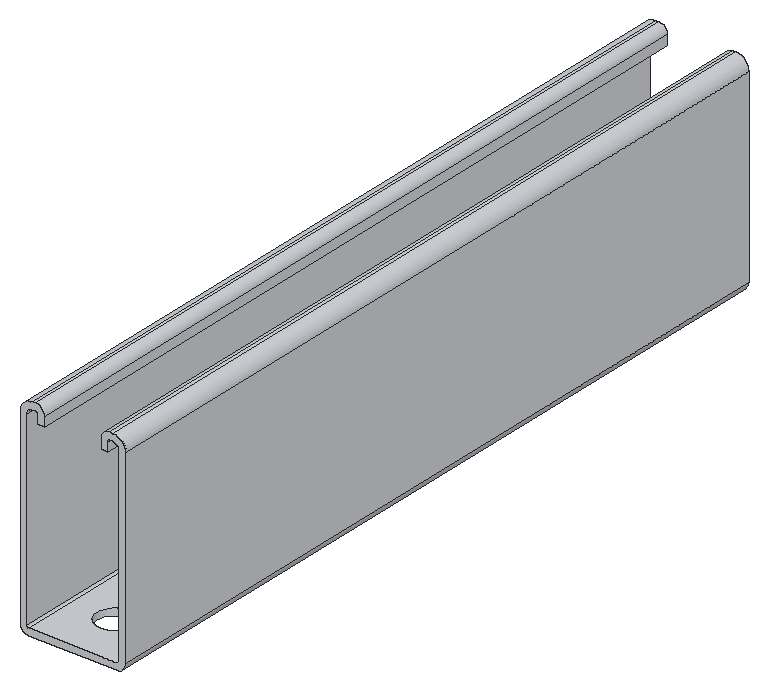
Revit family "Channel-Unistrut-P5000_HS", category Specialty Equipment, Revit 2012
Parameters (values of type "P5000 HS")
  ecoScorecard_data = ""
  ecoScorecard Product Page = ""
  Weight Per Foot = 3.00 lbf/ft
  Unit = none
  URL = "http://unistrut.us/index.php"
  Subcategory = "1 5/8\" Channels"
  Product Page URL = "http://unistrut.us/index.php?WP=cat_detail&S=S05&P=P5000hs"
  Power Strut Part Number = "PS 200 KO6"  # constant formula
  Part Type = "Channel"  # constant formula
  Part Number = ""
  Overall Width = 1 5/8"  # constant formula
  Overall Height = 3 1/4"  # constant formula
  Model = "P5000 HS"  # constant formula
  Material = "Multiple Options - See Catalog"
  Manufacturer Toll Free Phone = "800-882-5543"  # constant formula
  Manufacturer Phone = "708-339-1610"  # constant formula
  Manufacturer Fax = "708-339-7814"  # constant formula
  Manufacturer Email = "mailto:questions@atkore.com"
  Manufacturer Address = "16100 South Lathrop Avenue, Harvey, IL 60426"  # constant formula
  Manufacturer = "Unistrut by Atkore International"  # constant formula
  Load Capacity Note = "Visit the product page for load application and capacity."  # constant formula
  Literature URL = "http://unistrut.us/index.php?WP=LItLibrary"
  Length [instance] = 12"
  Hole Spacing On Center Dimension = 1 7/8"
  Hole Spacing From End Dimension = 13/16"
  Gauge Thickness = "12 Gauge (.105”)"  # constant formula
  Description = "P5000 HS Channel"  # constant formula
  Cost Info = "mailto:questions@atkore.com"
  Construction Note = "9⁄16\" Dia. Holes @ 1 7⁄8\" on Center"
  Category = "Specialty Equipment"  # constant formula
  CSI MasterSpec = "http://www.unistrut.us/a_files/TechRef/Unistrut_CSI_05430.pdf"
  CAD URL = "http://unistrut.us/index.php?WP=CAD3d"
  Assembly Code = "D5020100"
  95 CSI = "16070"  # constant formula
  04 CSI = "26 05 48"  # constant formula
Reference planes (in)
  plane 1 "Center (Front/Back)": y = 0
  plane 2: z = 0
  plane 3 "Center (Left/Right)": x = 0
  plane 4: z = 3.25
  plane 5: y = 6
  plane 6: x = -0.8125
  plane 7: y = -6
  plane 8: x = 0.8125
  plane 9: y = -5.1875
  plane 10: y = -3.3125
Dimensions and locks (in)
  "Overall Height": plane 4 to level
  equal spacing: plane 6, plane 3 "Center (Left/Right)", plane 8
  "Overall Width": plane 6 to plane 8
  equal spacing: plane 5, plane 1 "Center (Front/Back)", plane 7
  "Length": plane 5 to plane 7
  "Hole Spacing From End Dimension": plane 7 to plane 9
  "Hole Spacing On Center Dimension": plane 10 to plane 9
  aligned and locked: level to plane 2
  aligned and locked: plane 1 "Center (Front/Back)" to nested 1
  aligned and locked: plane 3 "Center (Left/Right)" to nested 1
Nested families (in)
  nested 1: "P5000HS Channel" at (0, 0, 0), Length <- "Length", Knockouts Spacing On Center <- "Hole Spacing On Center Dimension", Knockouts Spacing From End <- "Hole Spacing From End Dimension", type "P5000HS Channel"
    with Length 12", Knockouts Spacing On Center 1 7/8", Knockouts Spacing From End 13/16", # Of Array 6
Definition of nested family "P5000HS Channel"
  Parameters (values of type "P5000HS Channel")
    Width = 1 5/8"  # constant formula
    Unit = none
    Length [instance] = 12"
    Knockouts Spacing On Center [instance] = 1 7/8"
    Knockouts Spacing From End [instance] = 13/16"
    Hole Radius = 9/32"
    Height = 3 1/4"  # constant formula
    # Of Array [instance] = (Length - Knockouts Spacing From End * 2) / Knockouts Spacing On Center  # 6
  Reference planes (in)
    plane 1 "Center (Front/Back)": y = 0
    plane 2: z = 0
    plane 3 "Center (Left/Right)": x = 0
    plane 4: z = 3.25
    plane 5: x = -0.8125
    plane 6: x = 0.8125
    plane 7: y = 6
    plane 8: y = -6
    plane 9: x = 0.4375
    plane 10: x = -0.4375
    plane 11: z = 2.96875
    plane 12: y = -5.1875
    plane 13: y = -3.3125
    plane 14: z = 0.105
  Forms (in)
    Sweep 1, solid, material <- "Unit", detail levels fine
      path origin (0, 0, 0) x (1, 0, 0) y (0, 1, 0)
        loop
          line (0, 6) -> (0, -6)
      profile origin (0, 0, 0) x (1, 0, 0) y (0, 0, 1)
        loop
          line (0.8125, 0.13625) -> (0.8125, 3.05125)
          arc (0.8125, 3.05125) -> (0.75429, 3.19179) -> (0.61375, 3.25) r 0.19875
          line (0.61375, 3.25) -> (0.57375, 3.25)
          arc (0.57375, 3.25) -> (0.47741, 3.21009) -> (0.4375, 3.11375) r 0.13625
          line (0.4375, 3.11375) -> (0.4375, 2.969) -> (0.5425, 2.969) -> (0.5425, 3.11375)
          arc (0.5425, 3.11375) -> (0.55165, 3.13585) -> (0.57375, 3.145) r 0.03125
          line (0.57375, 3.145) -> (0.61375, 3.145)
          arc (0.61375, 3.145) -> (0.68004, 3.11754) -> (0.7075, 3.05125) r 0.09375
          line (0.7075, 3.05125) -> (0.7075, 0.13625)
          arc (0.7075, 0.13625) -> (0.69835, 0.11415) -> (0.67625, 0.105) r 0.03125
          line (0.67625, 0.105) -> (-0.67625, 0.105)
          arc (-0.67625, 0.105) -> (-0.69835, 0.11415) -> (-0.7075, 0.13625) r 0.03125
          line (-0.7075, 0.13625) -> (-0.7075, 3.05125)
          arc (-0.7075, 3.05125) -> (-0.68004, 3.11754) -> (-0.61375, 3.145) r 0.09375
          line (-0.61375, 3.145) -> (-0.57375, 3.145)
          arc (-0.57375, 3.145) -> (-0.55165, 3.13585) -> (-0.5425, 3.11375) r 0.03125
          line (-0.5425, 3.11375) -> (-0.5425, 2.969) -> (-0.4375, 2.969) -> (-0.4375, 3.11375)
          arc (-0.4375, 3.11375) -> (-0.47741, 3.21009) -> (-0.57375, 3.25) r 0.13625
          line (-0.57375, 3.25) -> (-0.61375, 3.25)
          arc (-0.61375, 3.25) -> (-0.75429, 3.19179) -> (-0.8125, 3.05125) r 0.19875
          line (-0.8125, 3.05125) -> (-0.8125, 0.13625)
          arc (-0.8125, 0.13625) -> (-0.77259, 0.03991) -> (-0.67625, 0) r 0.13625
          line (-0.67625, 0) -> (0.67625, 0)
          arc (0.67625, 0) -> (0.77259, 0.03991) -> (0.8125, 0.13625) r 0.13625
    Extrusion 2, void
      sketch origin (-0.67625, -180, 0.105) x (0, -1, 0) y (-1, 0, 0)
        loop
          circle (-174.8125, -0.67625) r 0.28125
      from 0 to 0.105
    Extrusion 3, void
      sketch origin (-0.67625, -178.125, 0.105) x (0, -1, 0) y (-1, 0, 0)
        loop
          circle (-174.8125, -0.67625) r 0.28125
      from 0 to 0.105
    Extrusion 4, void
      sketch origin (-0.67625, -176.25, 0.105) x (0, -1, 0) y (-1, 0, 0)
        loop
          circle (-174.8125, -0.67625) r 0.28125
      from 0 to 0.105
    Extrusion 5, void
      sketch origin (-0.67625, -174.375, 0.105) x (0, -1, 0) y (-1, 0, 0)
        loop
          circle (-174.8125, -0.67625) r 0.28125
      from 0 to 0.105
    Extrusion 6, void
      sketch origin (-0.67625, -172.5, 0.105) x (0, -1, 0) y (-1, 0, 0)
        loop
          circle (-174.8125, -0.67625) r 0.28125
      from 0 to 0.105
    Extrusion 7, void
      sketch origin (-0.67625, -170.625, 0.105) x (0, -1, 0) y (-1, 0, 0)
        loop
          circle (-174.8125, -0.67625) r 0.28125
      from 0 to 0.105
  Cuts and joins
    Extrusion 2, Extrusion 3, Extrusion 4, Extrusion 5, Extrusion 6, Extrusion 7 cuts Sweep 1
  Lines and regions (in)
    symbolic lines, style "Channel", detail levels fine
      curve 1: line (-0.8125, 6, 0.105) -> (0.8125, 6, 0.105)
      curve 2: line (0.8125, 6, 0.105) -> (0.8125, -6, 0.105)
      curve 3: line (0.4375, 6, 0.105) -> (0.4375, -6, 0.105)
      curve 4: line (-0.4375, 6, 0.105) -> (-0.4375, -6, 0.105)
      curve 5: line (-0.8125, 6, 0.105) -> (-0.8125, -6, 0.105)
      curve 6: line (-0.8125, -6, 0.105) -> (0.8125, -6, 0.105)
  Dimensions and locks (in)
    "Height": plane 4 to level
    equal spacing: plane 6, plane 3 "Center (Left/Right)", plane 5
    "Width": plane 6 to plane 5
    equal spacing: plane 7, plane 1 "Center (Front/Back)", plane 8
    "Length": plane 7 to plane 8
    locked: plane 6 to plane 9 at 0.375
    locked: plane 5 to plane 10 at 0.375
    locked: plane 4 to plane 11 at 0.28125
    "Knockouts Spacing From End": plane 8 to plane 12
    "Knockouts Spacing On Center": plane 13 to plane 12
    locked: plane 14 to level at 0.105
    equal spacing: group 1, group 2, group 3, group 4, group 5, group 6  (x3)
    aligned and locked: plane 2 to level
    aligned and locked: plane 7 to Sweep 1 sketch curve
    aligned and locked: plane 8 to Sweep 1 sketch curve
    aligned and locked: Sweep 1 sketch curve to plane 3 "Center (Left/Right)"
    aligned and locked: nested 1 to plane 12
    aligned and locked: plane 3 "Center (Left/Right)" to nested 1
    aligned and locked: nested 1 to plane 14
    aligned and locked: nested 2 to plane 13
    aligned and locked: plane 3 "Center (Left/Right)" to nested 2
    aligned and locked: Extrusion 2 to level
    aligned and locked: Sweep 1 to Extrusion 2
    aligned and locked: curve 1 to plane 7
    aligned and locked: curve 2 to plane 6
    aligned and locked: curve 3 to plane 9
    aligned and locked: plane 10 to curve 4
    aligned and locked: plane 8 to curve 6
    aligned and locked: plane 1 "Center (Front/Back)" to nested 7
    aligned and locked: plane 3 "Center (Left/Right)" to nested 7
    aligned and locked: nested 7 to level
  Automatic sketch dimensions
    Sweep 1 sketch curve to Sweep 1 sketch curve = 0"  (x13)
    Sweep 1 sketch curve to level = 0"
    level to Sweep 1 sketch curve = 0.13625"
    profile plane to Sweep 1 sketch curve = 13/16"
    Sweep 1 sketch curve to Sweep 1 sketch curve = 1/32"  (x3)
    Sweep 1 sketch curve to Sweep 1 sketch curve = 3/32"
    Sweep 1 sketch curve to Sweep 1 sketch curve = 0.04"  (x2)
    Sweep 1 sketch curve to Sweep 1 sketch curve = 0.07125"
    Sweep 1 sketch curve to profile plane = 7/16"
    Sweep 1 sketch curve to profile plane = 0.67625"
    Sweep 1 sketch curve to Sweep 1 sketch curve = 2.83275"
    Sweep 1 sketch curve to Sweep 1 sketch curve = 0.08225"  (x2)
    curve 5 to plane 5 = 0"
    radius of Extrusion 7 sketch curve = 9/32"
    radius of Extrusion 2 sketch curve = 9/32"
    radius of Extrusion 3 sketch curve = 9/32"
    radius of Extrusion 4 sketch curve = 9/32"
    radius of Extrusion 5 sketch curve = 9/32"
    radius of Extrusion 6 sketch curve = 9/32"
  Nested families (in)
    nested 1: "Model Line" at (0, -5.1875, 0.105), type "Model Line", detail levels fine
    nested 2: "Model Line" at (0, -3.3125, 0.105), type "Model Line", detail levels fine
    nested 3: "Model Line" at (0, -1.4375, 0.105), type "Model Line", detail levels fine
    nested 4: "Model Line" at (0, 0.4375, 0.105), type "Model Line", detail levels fine
    nested 5: "Model Line" at (0, 2.3125, 0.105), type "Model Line", detail levels fine
    nested 6: "Model Line" at (0, 4.1875, 0.105), type "Model Line", detail levels fine
    nested 7: "P5000 HS_Detail" at (0, 0, 0), type "P5000 HS_Detail"
  Definition of nested family "Model Line"
    Parameters (values of type "Model Line")
      Hole Radius = 9/32"
    Reference planes (in)
      plane 1 "Center (Front/Back)": y = 0
      plane 2: z = 0
      plane 3 "Center (Left/Right)": x = 0
    Lines and regions (in)
      model lines, style "Channel"
        curve 1: circle (0, 0, 0) r 0.28125 normal (0, 0, 1)
    Dimensions and locks (in)
      "Hole Radius": radius of curve 1
      radius of curve 1 = 9/32"
      aligned and locked: plane 2 to level
      aligned and locked: plane 3 "Center (Left/Right)" to curve 1
      aligned and locked: plane 1 "Center (Front/Back)" to curve 1
  Definition of nested family "P5000 HS_Detail"
    Parameters (values of type "P5000 HS_Detail")
      Unit = none
      Length = 12"
      Height = 3 1/4"  # constant formula
      Depth = 1 5/8"  # constant formula
    Reference planes (in)
      plane 1 "Center (Front/Back)": y = 0
      plane 2: z = 0
      plane 3 "Center (Left/Right)": x = 0
      plane 4: y = 6
      plane 5: y = -6
      plane 6: x = -0.8125
      plane 7: x = 0.8125
      plane 8: z = 3.25
    Forms (in)
      Sweep 1, solid, material <- "Unit", detail levels coarse+medium
        path origin (0, 0, 0) x (1, 0, 0) y (0, 1, 0)
          loop
            line (0, 6) -> (0, -6)
        profile origin (0, 0, 0) x (1, 0, 0) y (0, 0, 1)
          loop
            line (0.8125, 3.25) -> (-0.8125, 3.25) -> (-0.8125, 0) -> (0.8125, 0) -> (0.8125, 3.25)
    Lines and regions (in)
      symbolic lines, style "Channel", detail levels coarse+medium
        curve 1: line (-0.8125, 6, 0) -> (0.8125, 6, 0)
        curve 2: line (0.8125, 6, 0) -> (0.8125, -6, 0)
        curve 3: line (-0.8125, 6, 0) -> (-0.8125, -6, 0)
        curve 4: line (-0.8125, -6, 0) -> (0.8125, -6, 0)
    Dimensions and locks (in)
      equal spacing: plane 6, plane 3 "Center (Left/Right)", plane 7
      "Depth": plane 6 to plane 7
      equal spacing: plane 4, plane 1 "Center (Front/Back)", plane 5
      "Length": plane 4 to plane 5
      "Height": plane 8 to level
      aligned and locked: plane 2 to level
      aligned and locked: plane 5 to Sweep 1 sketch curve
      aligned and locked: plane 4 to Sweep 1 sketch curve
      aligned and locked: Sweep 1 sketch curve to plane 3 "Center (Left/Right)"
      aligned and locked: Sweep 1 sketch curve to plane 7
      aligned and locked: Sweep 1 sketch curve to plane 8
      aligned and locked: Sweep 1 sketch curve to plane 6
      aligned and locked: Sweep 1 sketch curve to level
      aligned and locked: curve 1 to plane 4
      aligned and locked: curve 2 to plane 7
      aligned and locked: curve 3 to plane 6
      aligned and locked: curve 4 to plane 5
